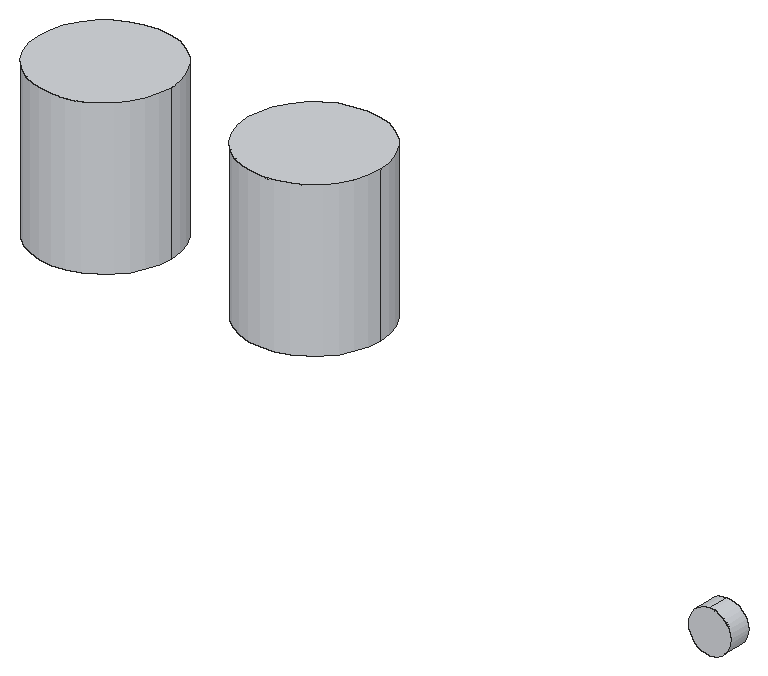
Revit family "M4_001_BIM", category HLS-Bauteile, Revit 2018
Family settings
  Bemaßung runder Anschluss = Durchmesser verwenden
  Klassifizierung = Keine
  Teiletyp = Normal
  OmniClass-Nummer = 23.65.35.11.14
  OmniClass-Titel = Instantaneous Water Heaters
  Arbeitsebenenbasiert = Nein
  Immer vertikal = Ja
  Beim Laden mit Abzugskörper schneiden = Nein
  Gemeinsam genutzt = Nein
  Raumberechnungspunkt = Nein
Parameters (values of type "Norm")
  Verbindung_2_Durchmesser = 0 mm
  Verbindung_1_Durchmesser = 0 mm
  URL = "https://www.clage.de/de/Produkte/E-Kleindurchlauferhitzer/MBH"
  Modell = "MBH"
  Hersteller = "Clage GmbH"
  Beschreibung = "E-Kleindurchlauferhitzer"
Reference planes
  plane 1 "Mitte (Vorne/Hinten)": y = 0
  plane 2: z = 0
  plane 3 "Mitte (Links/Rechts)": x = 0
Forms (mm)
  Extrusion 1, solid
    sketch origin (-15, -7.5, 86.997) x (1, 0, 0) y (0, 1, 0)
      loop
        circle (0, 0) r 9.525
    from 0 to -22.053
  Extrusion 2, solid
    sketch origin (15, -7.5, 86.997) x (1, 0, 0) y (0, 1, 0)
      loop
        circle (0, 0) r 9.525
    from 0 to -22.053
  Extrusion 3, solid
    sketch origin (63.017, 6.6, 36.189) x (0, 0, 1) y (1, 0, 0)
      loop
        circle (0, 0) r 3.048
    from 0 to -3.048
Dimensions and locks
  aligned and locked: level to plane 2
Connectors
  piping at (-15, -7.5, 86.997), diameter 9.5
    settings: on Extrusion 1, index 1, connector inside diameter 609.6 mm, connector length 0 mm, flow factor 0, pipe flow 2.5 L/s, pressure drop 88000.0 Pa, fitting loss kfactor 0, connector angle 0.00°, fixture units 0, engagement length 0 mm, angle of deflection 0.00°, flow configuration 1, flow direction 1, fitting loss method 4, system type 20, joint type 0, gender type 0, connector reference index -1, connector utility 0, adjustable connector no, is connector primary yes, connector description ""
  piping at (15, -7.5, 86.997), diameter 9.5
    settings: on Extrusion 2, index 2, connector inside diameter 609.6 mm, connector length 0 mm, flow factor 0, pipe flow 2.5 L/s, pressure drop 88000.0 Pa, fitting loss kfactor 0, connector angle 0.00°, fixture units 0, engagement length 0 mm, angle of deflection 0.00°, flow configuration 1, flow direction 2, fitting loss method 4, system type 19, joint type 0, gender type 0, connector reference index -1, connector utility 0, adjustable connector no, is connector primary no, connector description ""
  electrical at (63.017, 6.6, 36.189)
    settings: on Extrusion 3, index 3, voltage 230 V, apparent load 0 VA, apparent load phase1 0 VA, apparent load phase2 0 VA, apparent load phase3 0 VA, power factor 0, load classification "Sonstige", number of poles 1, system type 30, power factor state 1, is connector primary yes, connector utility no, sub classification motor no, connector description ""
